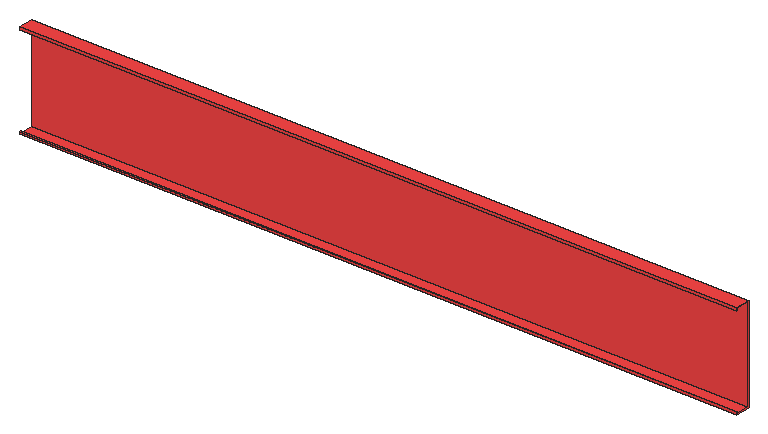
Revit family "BIMSF-SSMA-S", category Structural Framing, Revit 2024
Family settings
  Section Shape = C Profile with Lips
  Material for Model Behavior = Steel
  Always export as geometry = No
  Always vertical = Yes
  Cut with Voids When Loaded = No
  Symbolic Representation = From Project Settings
  Shared = No
  Show family pre-cut in plan views = Yes
Parameters (values of type "CF 800S125-33")
  Weight = 1.25 lbf/ft
  Structural Material = MWF_RED
  Short Tag = ""
  Return = 0' - 0.188"
  Reported Length [instance] = 5' - 0"
  Model = "V2"
  Long Tag = ""
  Assembly Code = "B10"
  Length [instance] = 5' - 0"
  bf = 0' - 1 1/4"
  d = 0' - 8"
  tf = 0' - 0.03474"
Types (24): name | Weight | Structural Material | Return | bf | d | tf
  800S162-43(33) | 1.83 lbf/ft | Metal - Steel - ASTM A992 | 0' - 0 1/2" | 0' - 1.62" | 0' - 8" | 0' - 0.04526"
  CF 600S200-54(50) | 2.09 lbf/ft | MWF_RED | 0' - 0 5/8" | 0' - 2" | 0' - 6" | 0' - 0.05684"
  600S200-54(50) | 2.09 lbf/ft | Metal - Steel - ASTM A992 | 0' - 0 5/8" | 0' - 2" | 0' - 6" | 0' - 0.05684"
  CF 400S125-33 | 0.77 lbf/ft | MWF_RED | 0' - 0.188" | 0' - 1 1/4" | 0' - 4" | 0' - 0.03474"
  362S125-18(33) | 0.73 lbf/ft | Metal - Steel - ASTM A992 | 0' - 0.188" | 0' - 1 1/4" | 0' - 3.62" | 0' - 0.03474"
  CF 362S125-33 | 0.73 lbf/ft | MWF_RED | 0' - 0.188" | 0' - 1 1/4" | 0' - 3.62" | 0' - 0.03474"
  800S125-33(33) | 1.25 lbf/ft | Default | 0' - 0.188" | 0' - 1 1/4" | 0' - 8" | 0' - 0.03474"
  CF 800S125-33 | 1.25 lbf/ft | MWF_RED | 0' - 0.188" | 0' - 1 1/4" | 0' - 8" | 0' - 0.03474"
  CF 600S125-33 | 1.01 lbf/ft | MWF_RED | 0' - 0.188" | 0' - 1 1/4" | 0' - 6" | 0' - 0.03474"
  600S125-18(33) | 1.01 lbf/ft | Metal - Steel - ASTM A992 | 0' - 0.188" | 0' - 1 1/4" | 0' - 6" | 0' - 0.03474"
  800S125-33 RED | 1.25 lbf/ft | MWF_RED | 0' - 0.188" | 0' - 1 1/4" | 0' - 8" | 0' - 0.03474"
  400S125-33 RED | 0.77 lbf/ft | Metal - Steel - ASTM A992 | 0' - 0.188" | 0' - 1 1/4" | 0' - 4" | 0' - 0.03474"
  362S125-33 RED | 0.73 lbf/ft | MWF_RED | 0' - 0.188" | 0' - 1 1/4" | 0' - 3.62" | 0' - 0.03474"
  600S137-33(33) | 1.08 lbf/ft | Metal - Steel - ASTM A992 | 0' - 0 3/8" | 0' - 1.37" | 0' - 6" | 0' - 0.03474"
  800S125-18(33) | 1.25 lbf/ft | Metal - Steel - ASTM A992 | 0' - 0.188" | 0' - 1 1/4" | 0' - 8" | 0' - 0.03474"
  600S125-33 | 1.01 lbf/ft | Metal - Steel - ASTM A992 | 0' - 0.188" | 0' - 1 1/4" | 0' - 6" | 0' - 0.03474"
  550S125-33 | 0.95 lbf/ft | Metal - Steel - ASTM A992 | 0' - 0.188" | 0' - 1 1/4" | 0' - 5 1/2" | 0' - 0.03474"
  400S125-33 | 0.77 lbf/ft | Metal - Steel - ASTM A992 | 0' - 0.188" | 0' - 1 1/4" | 0' - 4" | 0' - 0.03474"
  362S125-33 | 0.73 lbf/ft | Metal - Steel - ASTM A992 | 0' - 0.188" | 0' - 1 1/4" | 0' - 3.62" | 0' - 0.03474"
  350S125-33 | 0.72 lbf/ft | Metal - Steel - ASTM A992 | 0' - 0.188" | 0' - 1 1/4" | 0' - 3 1/2" | 0' - 0.03474"
  250S125-33 | 0.60 lbf/ft | Metal - Steel - ASTM A992 | 0' - 0.188" | 0' - 1 1/4" | 0' - 2 1/2" | 0' - 0.03474"
  162S125-33 | 0.49 lbf/ft | Metal - Steel - ASTM A992 | 0' - 0.188" | 0' - 1 1/4" | 0' - 1.62" | 0' - 0.03474"
  600S137-33 | 0.00 lbf/ft | Metal - Steel - ASTM A992 | 0' - 0 3/8" | 0' - 1.37" | 0' - 6" | 0' - 0.03474"
  1000S250-54 | 0.00 lbf/ft | Metal - Steel - ASTM A992 | 0' - 0 5/8" | 0' - 2 1/2" | 0' - 10" | 0' - 0.05684"
Reference planes (in)
  plane 1 "Center (Front/Back)": y = 0
  plane 2: z = 0
  plane 3 "Center (Left/Right)": x = 0.1815
  plane 4 "Top": z = 4
  plane 5: z = -4
  plane 6 "Left": x = -29.8185
  plane 7 "Right": x = 30.1815
  plane 8: y = -0.625
  plane 9: y = 0.625
  plane 10: y = 0.59026
  plane 11: y = -0.59026
  plane 12: z = 3.96526
  plane 13: z = -3.96526
  plane 14: z = 3.812
  plane 15: z = -3.812
Forms (in)
  Extrusion 1, solid, material "MWF_RED" <- "Structural Material", detail levels medium+fine
    sketch origin (-29.8185, 0.02734, 0.16016) x (0, -1, 0) y (0, 0, 1)
      loop
        line (0.65234, 3.83984) -> (-0.59766, 3.83984) -> (-0.59766, -4.16016) -> (0.65234, -4.16016) -> (0.65234, -3.97216) -> (0.61761, -3.97216) -> (0.61761, -4.12542) -> (-0.56292, -4.12542) -> (-0.56292, 3.80511) -> (0.61761, 3.80511) -> (0.61761, 3.65184) -> (0.65234, 3.65184) -> (0.65234, 3.83984)
    from -60 to 0
Lines and regions (in)
  model lines, style "BIMSF.Framing", not visible, detail levels coarse
    curve 1: line (-29.8185, 0, 0) -> (30.1815, 0, 0)
Dimensions and locks (in)
  "d": plane 5 to plane 4 "Top"
  equal spacing: plane 5, plane 2, plane 4 "Top"
  "Length": plane 6 "Left" to plane 7 "Right"
  "bf": plane 9 to plane 8
  equal spacing: plane 9, plane 1 "Center (Front/Back)", plane 8
  "tf": plane 4 "Top" to plane 12
  "tf": plane 13 to plane 5
  "tf": plane 11 to plane 8
  "tf": plane 9 to plane 10
  "Return": plane 4 "Top" to plane 14
  "Return": plane 5 to plane 15
  "Reported Length": plane 6 "Left" to plane 7 "Right"
  aligned and locked: Extrusion 1 sketch curve to plane 4 "Top"
  aligned and locked: plane 8 to Extrusion 1 sketch curve  (x2)
  aligned and locked: Extrusion 1 sketch curve to plane 14
  aligned and locked: Extrusion 1 sketch curve to plane 12
  aligned and locked: Extrusion 1 sketch curve to plane 11
  aligned and locked: Extrusion 1 sketch curve to plane 10
  aligned and locked: plane 13 to Extrusion 1 sketch curve
  aligned and locked: plane 11 to Extrusion 1 sketch curve
  aligned and locked: plane 15 to Extrusion 1 sketch curve
  aligned and locked: plane 5 to Extrusion 1 sketch curve
  aligned and locked: Extrusion 1 sketch curve to plane 9
  aligned and locked: plane 2 to level
  aligned and locked: Extrusion 1 to plane 7 "Right"
  aligned and locked: plane 6 "Left" to Extrusion 1
  aligned and locked: plane 1 "Center (Front/Back)" to curve 1
  aligned and locked: plane 6 "Left" to curve 1
  aligned and locked: plane 7 "Right" to curve 1
Types in the file's own list only (145): name | Weight | Return | bf | d | tf
  162S125-27(33) | 0.41 lbf/ft | 0' - 0 3/16" | 0' - 1 1/4" | 0' - 1 5/8" | 0' - 0"
  162S125-30(33) | 0.45 lbf/ft | 0' - 0 3/16" | 0' - 1 1/4" | 0' - 1 5/8" | 0' - 0 1/16"
  162S125-33(33) | 0.49 lbf/ft | 0' - 0 3/16" | 0' - 1 1/4" | 0' - 1 5/8" | 0' - 0 1/16"
  250S125-27(33) | 0.49 lbf/ft | 0' - 0 3/16" | 0' - 1 1/4" | 0' - 2 1/2" | 0' - 0"
  250S125-30(33) | 0.54 lbf/ft | 0' - 0 3/16" | 0' - 1 1/4" | 0' - 2 1/2" | 0' - 0 1/16"
  250S125-33(33) | 0.60 lbf/ft | 0' - 0 3/16" | 0' - 1 1/4" | 0' - 2 1/2" | 0' - 0 1/16"
  250S125-43(33) | 0.77 lbf/ft | 0' - 0 3/16" | 0' - 1 1/4" | 0' - 2 1/2" | 0' - 0 1/16"
  250S125-54(50) | 0.95 lbf/ft | 0' - 0 3/16" | 0' - 1 1/4" | 0' - 2 1/2" | 0' - 0 1/16"
  250S125-68(50) | 1.18 lbf/ft | 0' - 0 3/16" | 0' - 1 1/4" | 0' - 2 1/2" | 0' - 0 1/16"
  350S125-27(33) | 0.59 lbf/ft | 0' - 0 3/16" | 0' - 1 1/4" | 0' - 3 1/2" | 0' - 0"
  350S125-30(33) | 0.65 lbf/ft | 0' - 0 3/16" | 0' - 1 1/4" | 0' - 3 1/2" | 0' - 0 1/16"
  350S125-33(33) | 0.72 lbf/ft | 0' - 0 3/16" | 0' - 1 1/4" | 0' - 3 1/2" | 0' - 0 1/16"
  350S125-43(33) | 0.93 lbf/ft | 0' - 0 3/16" | 0' - 1 1/4" | 0' - 3 1/2" | 0' - 0 1/16"
  350S125-54(50) | 1.15 lbf/ft | 0' - 0 3/16" | 0' - 1 1/4" | 0' - 3 1/2" | 0' - 0 1/16"
  350S125-68(50) | 1.42 lbf/ft | 0' - 0 3/16" | 0' - 1 1/4" | 0' - 3 1/2" | 0' - 0 1/16"
  362S125-27(33) | 0.60 lbf/ft | 0' - 0 3/16" | 0' - 1 1/4" | 0' - 3 5/8" | 0' - 0"
  362S125-30(33) | 0.66 lbf/ft | 0' - 0 3/16" | 0' - 1 1/4" | 0' - 3 5/8" | 0' - 0 1/16"
  362S125-33(33) | 0.73 lbf/ft | 0' - 0 3/16" | 0' - 1 1/4" | 0' - 3 5/8" | 0' - 0 1/16"
  362S125-43(33) | 0.95 lbf/ft | 0' - 0 3/16" | 0' - 1 1/4" | 0' - 3 5/8" | 0' - 0 1/16"
  362S125-54(50) | 1.17 lbf/ft | 0' - 0 3/16" | 0' - 1 1/4" | 0' - 3 5/8" | 0' - 0 1/16"
  362S125-68(50) | 1.45 lbf/ft | 0' - 0 3/16" | 0' - 1 1/4" | 0' - 3 5/8" | 0' - 0 1/16"
  400S125-27(33) | 0.64 lbf/ft | 0' - 0 3/16" | 0' - 1 1/4" | 0' - 4" | 0' - 0"
  400S125-30(33) | 0.70 lbf/ft | 0' - 0 3/16" | 0' - 1 1/4" | 0' - 4" | 0' - 0 1/16"
  400S125-33(33) | 0.77 lbf/ft | 0' - 0 3/16" | 0' - 1 1/4" | 0' - 4" | 0' - 0 1/16"
  400S125-43(33) | 1.00 lbf/ft | 0' - 0 3/16" | 0' - 1 1/4" | 0' - 4" | 0' - 0 1/16"
  400S125-54(50) | 1.24 lbf/ft | 0' - 0 3/16" | 0' - 1 1/4" | 0' - 4" | 0' - 0 1/16"
  400S125-68(50) | 1.54 lbf/ft | 0' - 0 3/16" | 0' - 1 1/4" | 0' - 4" | 0' - 0 1/16"
  550S125-27(33) | 0.78 lbf/ft | 0' - 0 3/16" | 0' - 1 1/4" | 0' - 5 1/2" | 0' - 0"
  550S125-30(33) | 0.86 lbf/ft | 0' - 0 3/16" | 0' - 1 1/4" | 0' - 5 1/2" | 0' - 0 1/16"
  550S125-33(33) | 0.95 lbf/ft | 0' - 0 3/16" | 0' - 1 1/4" | 0' - 5 1/2" | 0' - 0 1/16"
  550S125-43(33) | 1.23 lbf/ft | 0' - 0 3/16" | 0' - 1 1/4" | 0' - 5 1/2" | 0' - 0 1/16"
  550S125-54(50) | 1.53 lbf/ft | 0' - 0 3/16" | 0' - 1 1/4" | 0' - 5 1/2" | 0' - 0 1/16"
  550S125-68(50) | 1.90 lbf/ft | 0' - 0 3/16" | 0' - 1 1/4" | 0' - 5 1/2" | 0' - 0 1/16"
  600S125-27(33) | 0.83 lbf/ft | 0' - 0 3/16" | 0' - 1 1/4" | 0' - 6" | 0' - 0"
  600S125-30(33) | 0.91 lbf/ft | 0' - 0 3/16" | 0' - 1 1/4" | 0' - 6" | 0' - 0 1/16"
  600S125-33(33) | 1.01 lbf/ft | 0' - 0 3/16" | 0' - 1 1/4" | 0' - 6" | 0' - 0 1/16"
  600S125-43(33) | 1.31 lbf/ft | 0' - 0 3/16" | 0' - 1 1/4" | 0' - 6" | 0' - 0 1/16"
  600S125-54(50) | 1.63 lbf/ft | 0' - 0 3/16" | 0' - 1 1/4" | 0' - 6" | 0' - 0 1/16"
  600S125-68(50) | 2.02 lbf/ft | 0' - 0 3/16" | 0' - 1 1/4" | 0' - 6" | 0' - 0 1/16"
  800S125-43(33) | 1.62 lbf/ft | 0' - 0 3/16" | 0' - 1 1/4" | 0' - 8" | 0' - 0 1/16"
  800S125-54(50) | 2.01 lbf/ft | 0' - 0 3/16" | 0' - 1 1/4" | 0' - 8" | 0' - 0 1/16"
  800S125-68(50) | 2.51 lbf/ft | 0' - 0 3/16" | 0' - 1 1/4" | 0' - 8" | 0' - 0 1/16"
  250S137-33(33) | 0.67 lbf/ft | 0' - 0 3/8" | 0' - 1 3/8" | 0' - 2 1/2" | 0' - 0 1/16"
  250S137-43(33) | 0.87 lbf/ft | 0' - 0 3/8" | 0' - 1 3/8" | 0' - 2 1/2" | 0' - 0 1/16"
  250S137-54(50) | 1.07 lbf/ft | 0' - 0 3/8" | 0' - 1 3/8" | 0' - 2 1/2" | 0' - 0 1/16"
  250S137-68(50) | 1.33 lbf/ft | 0' - 0 3/8" | 0' - 1 3/8" | 0' - 2 1/2" | 0' - 0 1/16"
  250S162-33(33) | 0.76 lbf/ft | 0' - 0 1/2" | 0' - 1 5/8" | 0' - 2 1/2" | 0' - 0 1/16"
  250S162-43(33) | 0.98 lbf/ft | 0' - 0 1/2" | 0' - 1 5/8" | 0' - 2 1/2" | 0' - 0 1/16"
  250S162-54(50) | 1.22 lbf/ft | 0' - 0 1/2" | 0' - 1 5/8" | 0' - 2 1/2" | 0' - 0 1/16"
  250S162-68(50) | 1.51 lbf/ft | 0' - 0 1/2" | 0' - 1 5/8" | 0' - 2 1/2" | 0' - 0 1/16"
  350S162-33(33) | 0.88 lbf/ft | 0' - 0 1/2" | 0' - 1 5/8" | 0' - 3 1/2" | 0' - 0 1/16"
  350S162-43(33) | 1.14 lbf/ft | 0' - 0 1/2" | 0' - 1 5/8" | 0' - 3 1/2" | 0' - 0 1/16"
  350S162-54(50) | 1.41 lbf/ft | 0' - 0 1/2" | 0' - 1 5/8" | 0' - 3 1/2" | 0' - 0 1/16"
  350S162-68(50) | 1.75 lbf/ft | 0' - 0 1/2" | 0' - 1 5/8" | 0' - 3 1/2" | 0' - 0 1/16"
  362S137-33(33) | 0.80 lbf/ft | 0' - 0 3/8" | 0' - 1 3/8" | 0' - 3 5/8" | 0' - 0 1/16"
  362S137-43(33) | 1.04 lbf/ft | 0' - 0 3/8" | 0' - 1 3/8" | 0' - 3 5/8" | 0' - 0 1/16"
  362S137-54(50) | 1.29 lbf/ft | 0' - 0 3/8" | 0' - 1 3/8" | 0' - 3 5/8" | 0' - 0 1/16"
  362S137-68(50) | 1.60 lbf/ft | 0' - 0 3/8" | 0' - 1 3/8" | 0' - 3 5/8" | 0' - 0 1/16"
  362S162-33(33) | 0.89 lbf/ft | 0' - 0 1/2" | 0' - 1 5/8" | 0' - 3 5/8" | 0' - 0 1/16"
  362S162-43(33) | 1.16 lbf/ft | 0' - 0 1/2" | 0' - 1 5/8" | 0' - 3 5/8" | 0' - 0 1/16"
  362S162-54(50) | 1.44 lbf/ft | 0' - 0 1/2" | 0' - 1 5/8" | 0' - 3 5/8" | 0' - 0 1/16"
  362S162-68(50) | 1.78 lbf/ft | 0' - 0 1/2" | 0' - 1 5/8" | 0' - 3 5/8" | 0' - 0 1/16"
  362S175-27(33) | 0.76 lbf/ft | 0' - 0 1/2" | 0' - 1 3/4" | 0' - 3 5/8" | 0' - 0"
  362S175-33(33) | 0.93 lbf/ft | 0' - 0 1/2" | 0' - 1 3/4" | 0' - 3 5/8" | 0' - 0 1/16"
  362S175-43(33) | 1.21 lbf/ft | 0' - 0 1/2" | 0' - 1 3/4" | 0' - 3 5/8" | 0' - 0 1/16"
  362S200-33(33) | 1.01 lbf/ft | 0' - 0 5/8" | 0' - 2" | 0' - 3 5/8" | 0' - 0 1/16"
  362S200-43(33) | 1.31 lbf/ft | 0' - 0 5/8" | 0' - 2" | 0' - 3 5/8" | 0' - 0 1/16"
  362S200-54(50) | 1.63 lbf/ft | 0' - 0 5/8" | 0' - 2" | 0' - 3 5/8" | 0' - 0 1/16"
  362S200-68(50) | 2.02 lbf/ft | 0' - 0 5/8" | 0' - 2" | 0' - 3 5/8" | 0' - 0 1/16"
  400S137-33(33) | 0.85 lbf/ft | 0' - 0 3/8" | 0' - 1 3/8" | 0' - 4" | 0' - 0 1/16"
  400S137-43(33) | 1.10 lbf/ft | 0' - 0 3/8" | 0' - 1 3/8" | 0' - 4" | 0' - 0 1/16"
  400S137-54(50) | 1.36 lbf/ft | 0' - 0 3/8" | 0' - 1 3/8" | 0' - 4" | 0' - 0 1/16"
  400S137-68(50) | 1.69 lbf/ft | 0' - 0 3/8" | 0' - 1 3/8" | 0' - 4" | 0' - 0 1/16"
  400S162-33(33) | 0.94 lbf/ft | 0' - 0 1/2" | 0' - 1 5/8" | 0' - 4" | 0' - 0 1/16"
  400S162-43(33) | 1.21 lbf/ft | 0' - 0 1/2" | 0' - 1 5/8" | 0' - 4" | 0' - 0 1/16"
  400S162-54(50) | 1.51 lbf/ft | 0' - 0 1/2" | 0' - 1 5/8" | 0' - 4" | 0' - 0 1/16"
  400S162-68(50) | 1.87 lbf/ft | 0' - 0 1/2" | 0' - 1 5/8" | 0' - 4" | 0' - 0 1/16"
  400S200-33(33) | 1.05 lbf/ft | 0' - 0 5/8" | 0' - 2" | 0' - 4" | 0' - 0 1/16"
  400S200-43(33) | 1.37 lbf/ft | 0' - 0 5/8" | 0' - 2" | 0' - 4" | 0' - 0 1/16"
  400S200-54(50) | 1.70 lbf/ft | 0' - 0 5/8" | 0' - 2" | 0' - 4" | 0' - 0 1/16"
  400S200-68(50) | 2.12 lbf/ft | 0' - 0 5/8" | 0' - 2" | 0' - 4" | 0' - 0 1/16"
  550S162-33(33) | 1.11 lbf/ft | 0' - 0 1/2" | 0' - 1 5/8" | 0' - 5 1/2" | 0' - 0 1/16"
  550S162-43(33) | 1.44 lbf/ft | 0' - 0 1/2" | 0' - 1 5/8" | 0' - 5 1/2" | 0' - 0 1/16"
  550S162-54(50) | 1.80 lbf/ft | 0' - 0 1/2" | 0' - 1 5/8" | 0' - 5 1/2" | 0' - 0 1/16"
  550S162-68(50) | 2.24 lbf/ft | 0' - 0 1/2" | 0' - 1 5/8" | 0' - 5 1/2" | 0' - 0 1/16"
  550S175-27(33) | 0.88 lbf/ft | 0' - 0 1/2" | 0' - 1 3/4" | 0' - 5 1/2" | 0' - 0"
  550S175-33(33) | 1.21 lbf/ft | 0' - 0 1/2" | 0' - 1 3/4" | 0' - 5 1/2" | 0' - 0 1/16"
  550S175-43(33) | 1.54 lbf/ft | 0' - 0 1/2" | 0' - 1 3/4" | 0' - 5 1/2" | 0' - 0 1/16"
  550S175-54(50) | 1.87 lbf/ft | 0' - 0 1/2" | 0' - 1 3/4" | 0' - 5 1/2" | 0' - 0 1/16"
  600S137-43(33) | 1.41 lbf/ft | 0' - 0 3/8" | 0' - 1 3/8" | 0' - 6" | 0' - 0 1/16"
  600S137-54(50) | 1.75 lbf/ft | 0' - 0 3/8" | 0' - 1 3/8" | 0' - 6" | 0' - 0 1/16"
  600S137-68(50) | 2.18 lbf/ft | 0' - 0 3/8" | 0' - 1 3/8" | 0' - 6" | 0' - 0 1/16"
  600S137-97(50) | 3.03 lbf/ft | 0' - 0 3/8" | 0' - 1 3/8" | 0' - 6" | 0' - 0 1/8"
  600S162-33(33) | 1.17 lbf/ft | 0' - 0 1/2" | 0' - 1 5/8" | 0' - 6" | 0' - 0 1/16"
  600S162-43(33) | 1.52 lbf/ft | 0' - 0 1/2" | 0' - 1 5/8" | 0' - 6" | 0' - 0 1/16"
  600S162-54(50) | 1.89 lbf/ft | 0' - 0 1/2" | 0' - 1 5/8" | 0' - 6" | 0' - 0 1/16"
  600S162-68(50) | 2.36 lbf/ft | 0' - 0 1/2" | 0' - 1 5/8" | 0' - 6" | 0' - 0 1/16"
  600S162-97(50) | 3.29 lbf/ft | 0' - 0 1/2" | 0' - 1 5/8" | 0' - 6" | 0' - 0 1/8"
  600S200-33(33) | 1.29 lbf/ft | 0' - 0 5/8" | 0' - 2" | 0' - 6" | 0' - 0 1/16"
  600S200-43(33) | 1.67 lbf/ft | 0' - 0 5/8" | 0' - 2" | 0' - 6" | 0' - 0 1/16"
  600S200-68(50) | 2.60 lbf/ft | 0' - 0 5/8" | 0' - 2" | 0' - 6" | 0' - 0 1/16"
  600S200-97(50) | 3.63 lbf/ft | 0' - 0 5/8" | 0' - 2" | 0' - 6" | 0' - 0 1/8"
  600S250-43(33) | 1.83 lbf/ft | 0' - 0 5/8" | 0' - 2 1/2" | 0' - 6" | 0' - 0 1/16"
  600S250-54(50) | 2.28 lbf/ft | 0' - 0 5/8" | 0' - 2 1/2" | 0' - 6" | 0' - 0 1/16"
  600S250-68(50) | 2.84 lbf/ft | 0' - 0 5/8" | 0' - 2 1/2" | 0' - 6" | 0' - 0 1/16"
  600S250-97(50) | 3.98 lbf/ft | 0' - 0 5/8" | 0' - 2 1/2" | 0' - 6" | 0' - 0 1/8"
  800S137-33(33) | 1.32 lbf/ft | 0' - 0 3/8" | 0' - 1 3/8" | 0' - 8" | 0' - 0 1/16"
  800S137-43(33) | 1.10 lbf/ft | 0' - 0 3/8" | 0' - 1 3/8" | 0' - 8" | 0' - 0 1/16"
  800S137-54(50) | 2.13 lbf/ft | 0' - 0 3/8" | 0' - 1 3/8" | 0' - 8" | 0' - 0 1/16"
  800S137-68(50) | 2.66 lbf/ft | 0' - 0 3/8" | 0' - 1 3/8" | 0' - 8" | 0' - 0 1/16"
  800S137-97(50) | 3.72 lbf/ft | 0' - 0 3/8" | 0' - 1 3/8" | 0' - 8" | 0' - 0 1/8"
  800S162-33(33) | 1.41 lbf/ft | 0' - 0 1/2" | 0' - 1 5/8" | 0' - 8" | 0' - 0 1/16"
  800S162-54(50) | 2.28 lbf/ft | 0' - 0 1/2" | 0' - 1 5/8" | 0' - 8" | 0' - 0 1/16"
  800S162-68(50) | 2.84 lbf/ft | 0' - 0 1/2" | 0' - 1 5/8" | 0' - 8" | 0' - 0 1/16"
  800S162-97(50) | 3.98 lbf/ft | 0' - 0 1/2" | 0' - 1 5/8" | 0' - 8" | 0' - 0 1/8"
  800S200-33(33) | 1.52 lbf/ft | 0' - 0 5/8" | 0' - 2" | 0' - 8" | 0' - 0 1/16"
  800S200-43(33) | 1.98 lbf/ft | 0' - 0 5/8" | 0' - 2" | 0' - 8" | 0' - 0 1/16"
  800S200-54(50) | 2.47 lbf/ft | 0' - 0 5/8" | 0' - 2" | 0' - 8" | 0' - 0 1/16"
  800S200-68(50) | 3.09 lbf/ft | 0' - 0 5/8" | 0' - 2" | 0' - 8" | 0' - 0 1/16"
  800S200-97(50) | 4.32 lbf/ft | 0' - 0 5/8" | 0' - 2" | 0' - 8" | 0' - 0 1/8"
  800S250-43(33) | 2.13 lbf/ft | 0' - 0 5/8" | 0' - 2 1/2" | 0' - 8" | 0' - 0 1/16"
  800S250-54(50) | 2.66 lbf/ft | 0' - 0 5/8" | 0' - 2 1/2" | 0' - 8" | 0' - 0 1/16"
  800S250-68(50) | 3.33 lbf/ft | 0' - 0 5/8" | 0' - 2 1/2" | 0' - 8" | 0' - 0 1/16"
  800S250-97(50) | 4.67 lbf/ft | 0' - 0 5/8" | 0' - 2 1/2" | 0' - 8" | 0' - 0 1/8"
  1000S162-43(33) | 2.13 lbf/ft | 0' - 0 1/2" | 0' - 1 5/8" | 0' - 10" | 0' - 0 1/16"
  1000S162-54(50) | 2.66 lbf/ft | 0' - 0 1/2" | 0' - 1 5/8" | 0' - 10" | 0' - 0 1/16"
  1000S162-68(50) | 3.33 lbf/ft | 0' - 0 1/2" | 0' - 1 5/8" | 0' - 10" | 0' - 0 1/16"
  1000S162-97(50) | 4.67 lbf/ft | 0' - 0 1/2" | 0' - 1 5/8" | 0' - 10" | 0' - 0 1/8"
  1000S200-43(33) | 2.29 lbf/ft | 0' - 0 5/8" | 0' - 2" | 0' - 10" | 0' - 0 1/16"
  1000S200-54(50) | 2.86 lbf/ft | 0' - 0 5/8" | 0' - 2" | 0' - 10" | 0' - 0 1/16"
  1000S200-68(50) | 3.57 lbf/ft | 0' - 0 5/8" | 0' - 2" | 0' - 10" | 0' - 0 1/16"
  1000S200-97(50) | 5.02 lbf/ft | 0' - 0 5/8" | 0' - 2" | 0' - 10" | 0' - 0 1/8"
  1000S250-43(33) | 2.44 lbf/ft | 0' - 0 5/8" | 0' - 2 1/2" | 0' - 10" | 0' - 0 1/16"
  1000S250-54(50) | 3.05 lbf/ft | 0' - 0 5/8" | 0' - 2 1/2" | 0' - 10" | 0' - 0 1/16"
  1000S250-68(50) | 3.81 lbf/ft | 0' - 0 5/8" | 0' - 2 1/2" | 0' - 10" | 0' - 0 1/16"
  1000S250-97(50) | 5.36 lbf/ft | 0' - 0 5/8" | 0' - 2 1/2" | 0' - 10" | 0' - 0 1/8"
  1200S162-54(50) | 3.05 lbf/ft | 0' - 0 1/2" | 0' - 1 5/8" | 1' - 0" | 0' - 0 1/16"
  1200S162-68(50) | 3.81 lbf/ft | 0' - 0 1/2" | 0' - 1 5/8" | 1' - 0" | 0' - 0 1/16"
  1200S162-97(50) | 5.36 lbf/ft | 0' - 0 1/2" | 0' - 1 5/8" | 1' - 0" | 0' - 0 1/8"
  1200S200-54(50) | 3.24 lbf/ft | 0' - 0 5/8" | 0' - 2" | 1' - 0" | 0' - 0 1/16"
  1200S200-68(50) | 4.06 lbf/ft | 0' - 0 5/8" | 0' - 2" | 1' - 0" | 0' - 0 1/16"
  1200S200-97(50) | 5.71 lbf/ft | 0' - 0 5/8" | 0' - 2" | 1' - 0" | 0' - 0 1/8"
  1200S250-54(50) | 3.43 lbf/ft | 0' - 0 5/8" | 0' - 2 1/2" | 1' - 0" | 0' - 0 1/16"
  1200S250-68(50) | 4.30 lbf/ft | 0' - 0 5/8" | 0' - 2 1/2" | 1' - 0" | 0' - 0 1/16"
  1200S250-97(50) | 6.05 lbf/ft | 0' - 0 5/8" | 0' - 2 1/2" | 1' - 0" | 0' - 0 1/8"
